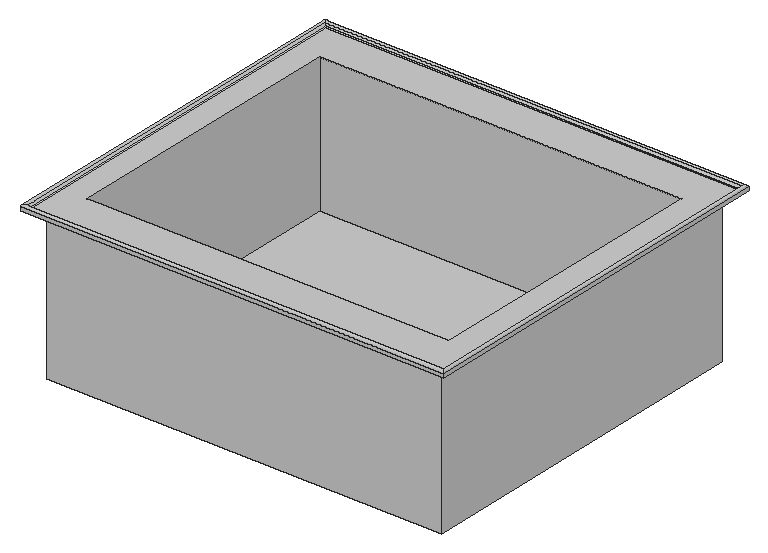
Revit family "QF_VOLLRATH_36429R", category Specialty Equipment, Revit 2016
Family settings
  Part Type = Normal
  Round Connector Dimension = Use Diameter
  OmniClass Number = 23.40.40.14.24.14
  OmniClass Title = Service Line Equipment
  Work Plane-Based = Yes
  Always vertical = Yes
  Cut with Voids When Loaded = Yes
  Shared = No
  Room Calculation Point = No
Parameters (values of type "36429R")
  Weight in Pounds = 0
  Waste Water Discharge Temperature [instance] = 0 °F
  Waste Remarks = ""
  URL Cutsheet = "www.vollrathfoodservice.com/downloads/59738/SPCDrop-inRemoteRefrigNSF7StndrdColdPanL35708en2013-07-30-pdf"
  URL = "www.vollrathfoodservice.com"
  Status [instance] = ""
  Specification by User [instance] = ""
  Specification by Manufacturer = ""
  Serial Number = ""
  Seismic Rating = ""
  SMACNA No = ""
  Revision Code [instance] = ""
  Refrigerant Volume = 0.00 kip
  Refrigerant Type [instance] = "R290"
  Plumbing Remarks [instance] = ""
  Plumbing Connection Type [instance] = ""
  NAFEM Spec ID Number = ""
  Model = "36429R"
  Masterspec = ""
  Manufacturer = "VOLLRATH US"
  Item Number [instance] = ""
  Installed By [instance] = ""
  Identify Quantity as Lot [instance] = no
  Furnished By [instance] = ""
  Foodservice Equipment Identifier [instance] = yes
  Direct Waste Size = 1"
  Direct Waste RI Height = 0"
  Direct Waste Flow = 0 GPM
  Direct Waste Connection Height = 0"
  Description = "TWO-WELL NSF 7-CERTIFIED REMOTE REFRIGERATED DROP-IN COLD WELL"
  Default Elevation = 0"
  CSI MasterFormat = ""
  BTUH = 1500.0 Btu/h
  Author = ""
  Assembly Code = "E1090320"
Reference planes (in)
  plane 1 "Back": y = 0
  plane 2: z = 0
  plane 3 "Left": x = 0
  plane 4 "Front": y = -26
  plane 5 "Top": z = 0
  plane 6 "Right": x = 29
Forms (in)
  Extrusion 1, void
    sketch origin (0, 0, 0) x (1, 0, 0) y (0, 1, 0)
      loop
        line (28.625, -0.375) -> (0.375, -0.375) -> (0.375, -25.625) -> (28.625, -25.625) -> (28.625, -0.375)
    from 3.27425 to -10.375
  Extrusion 2, solid
    sketch origin (0, 0, 0) x (1, 0, 0) y (0, 1, 0)
      loop
        line (28.375, -0.625) -> (0.625, -0.625) -> (0.625, -25.375) -> (28.375, -25.375) -> (28.375, -0.625)
      loop
        line (2.125, -3.0625) -> (2.125, -22.9375) -> (26.875, -22.9375) -> (26.875, -3.0625) -> (2.125, -3.0625)
    from 0 to 0.14643
  Sweep 3, solid
    path origin (0, 0, 0) x (1, 0, 0) y (0, 1, 0)
      loop
        line (0.34375, -0.34375) -> (0.34375, -25.65625) -> (28.65625, -25.65625) -> (28.65625, -0.34375) -> (0.34375, -0.34375)
    profile origin (14.5, -0.34375, 0) x (0, 1, 0) y (0, 0, 1)
      loop
        line (0.34375, 0) -> (0.34375, 0.24548)
        arc (0.34375, 0.24548) -> (0.25632, 0.36797) -> (0.11207, 0.3251) r 0.12952
        line (0.11207, 0.3251) -> (0.00446, 0.18703)
        arc (0.00446, 0.18703) -> (-0.03241, 0.15713) -> (-0.07866, 0.14643) r 0.10539
        line (-0.07866, 0.14643) -> (-0.28125, 0.14643) -> (-0.28125, 0) -> (0.34375, 0)
  Extrusion 4, solid
    sketch origin (1.5, -4, 0.375) x (1, 0, 0) y (0, 1, 0)
      loop
        circle (13, -9) r 0.5
      loop
        circle (13, -9) r 0.75
    from -9.68 to -10.75
  Extrusion 5, solid
    sketch origin (0, 0, 0.375) x (1, 0, 0) y (0, 1, 0)
      loop
        line (2.125, -3.0625) -> (2.125, -22.9375) -> (26.875, -22.9375) -> (26.875, -3.0625) -> (2.125, -3.0625)
      loop
        line (1, -1) -> (1, -25) -> (28, -25) -> (28, -1) -> (1, -1)
    from -10.75 to -0.375
  Extrusion 6, solid
    sketch origin (0, 0, 1) x (1, 0, 0) y (0, 1, 0)
      loop
        line (26.875, -3.0625) -> (2.125, -3.0625) -> (2.125, -22.9375) -> (26.875, -22.9375) -> (26.875, -3.0625)
      loop
        circle (14.5, -13) r 0.75
    from -11.375 to -10.305
Cuts and joins
  joined: Extrusion 2, Sweep 3, Extrusion 5, Extrusion 6
Lines and regions (in)
  symbolic lines, style "200-EquipBorder-2D"
    curve 1: line (29, 0, 0) -> (0, 0, 0)
    curve 2: line (29, -26, 0) -> (29, 0, 0)
    curve 3: line (0, 0, 0) -> (0, -26, 0)
    curve 8: line (0, -26, 0) -> (29, -26, 0)
  symbolic lines, style "200-EquipInternal-2D"
    curve 4: line (26.875, -3.0625, 0) -> (2.125, -3.0625, 0)
    curve 5: line (26.875, -22.9375, 0) -> (26.875, -3.0625, 0)
    curve 6: line (2.125, -22.9375, 0) -> (26.875, -22.9375, 0)
    curve 7: line (2.125, -3.0625, 0) -> (2.125, -22.9375, 0)
    curve 9: arc (14, -13, 0) -> (14.5, -12.5, 0) -> (15, -13, 0) r 0.5
    curve 10: arc (15, -13, 0) -> (14.5, -13.5, 0) -> (14, -13, 0) r 0.5
    curve 11: arc (15.25, -13, 0) -> (14.5, -12.25, 0) -> (13.75, -13, 0) r 0.75
    curve 12: arc (13.75, -13, 0) -> (14.5, -13.75, 0) -> (15.25, -13, 0) r 0.75
Dimensions and locks (in)
  plane 3 "Left" to plane 6 "Right" = 29"
  plane 4 "Front" to plane 1 "Back" = 26"
  aligned and locked: level to plane 2
Connectors (in)
  piping at (14.5, -13, -10.375), diameter 1, driven by "Direct Waste Flow", driven by "Direct Waste Size"
    settings: on Extrusion 4, index 1, connector inside diameter 24", connector length 0", flow factor 0, pipe flow 0 GPM, pressure drop 0.00 psi, fitting loss kfactor 0, connector angle 0.00°, fixture units 0, engagement length 0", angle of deflection 0.00°, flow configuration 1, flow direction 2, fitting loss method 0, system type 16, joint type 0, gender type 0, connector reference index -1, connector utility 0, adjustable connector no, is connector primary yes, connector description "Drain"
  piping at (24, -4, -10.375), diameter 0.3125
    settings: on Extrusion 5, index 2, connector inside diameter 24", connector length 0", flow factor 0, pipe flow 0 GPM, pressure drop 0.00 psi, fitting loss kfactor 0, connector angle 0.00°, fixture units 0, engagement length 0", angle of deflection 0.00°, flow configuration 1, flow direction 2, fitting loss method 0, system type 22, joint type 0, gender type 0, connector reference index -1, connector utility 0, adjustable connector no, is connector primary no, connector description "Refrigeration outlet"
  piping at (25, -4, -10.375), diameter 0.3125
    settings: on Extrusion 5, index 3, connector inside diameter 24", connector length 0", flow factor 0, pipe flow 0 GPM, pressure drop 0.00 psi, fitting loss kfactor 0, connector angle 0.00°, fixture units 0, engagement length 0", angle of deflection 0.00°, flow configuration 1, flow direction 1, fitting loss method 0, system type 22, joint type 0, gender type 0, connector reference index -1, connector utility 0, adjustable connector no, is connector primary no, connector description "Refrigeration inlet"
